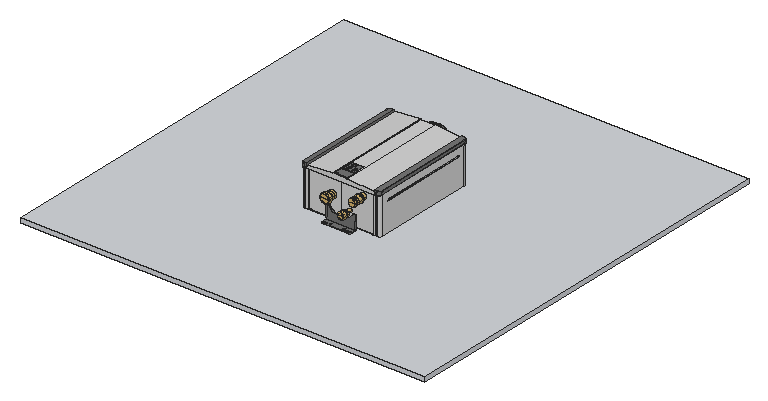
Revit family "Water_Heater-Rinnai-Ultra-Condensing-Tankless-RUR98i", category Mechanical Equipment, host Face, Revit 2012
Parameters (values of type "Standard")
  Width = 18 1/2"  # constant formula
  Wattage = 205 W
  Warranty URL = "https://www.rinnai.us/documentation/downloads/Ultra_Series_with_Pump_Warranty_English.pdf"
  Voltage = 120 V
  Venting = "Direct Vent system 3-4\" configurations"
  Unit = Metal - Rinnai - Aluminum Frame - Painted White
  URL = "https://rinnai.us/"
  Temperature Settings = "98° - 140° F"  # constant formula
  Subcategory = "Tankless Water Heaters"  # constant formula
  Spec Sheet URL = "https://www.rinnai.us/documentation/downloads/RUR98i-SP.pdf"
  Product Page URL = "https://rinnai.us/water-heater/product/rur98i-kbp3237ffud"
  Natural Gas = yes
  Model = "REU-KBP3237FFUD-US"  # constant formula
  Max Amperage = 8 A
  Manufacturer Phone - Toll Free = "800-621-9419"  # constant formula
  Manufacturer Phone = "800-621-9419"  # constant formula
  Manufacturer Fax = "678-829-1666"  # constant formula
  Manufacturer Email = "mailto:engineering@rinnai.us"
  Manufacturer Address = "103 International Drive, Peachtree City, GA 30269"  # constant formula
  Manufacturer = "Rinnai America Corporation"  # constant formula
  Liquid Propane = yes
  Interference = Glass - Rinnai - Clear - Amber
  Installation URL = "https://www.rinnai.us/documentation/downloads/100000379.pdf"
  Installation Location = "Indoor only"  # constant formula
  Ignition System = "Direct electronic ignition"  # constant formula
  Hot Water Connection = "Hot Water Connector"  # constant formula
  Height = 26"  # constant formula
  Panel = Metal - Rinnai - Aluminum Frame - Painted White
  Gas Supply Pressure Min = "4\" (NG); 8\" (Propane)"
  Gas Supply Pressure Max = "10.5\" (NG); 13.5\" (Propane)"
  Gas Manifold Pressure Low Fire = ".42\" (NG); .47\" (Propane)"
  Gas Manifold Pressure High Fire = "3\" (NG); 3.5\" (Propane)"
  Gas Input Rate = 199.0 Btu/h
  Gas Input Range = "15,200 - 199,000 BTU/h"  # constant formula
  Gas Connection = "Gas Connector"  # constant formula
  Frequency = 60 Hz
  Electrical Consumption Range = "Normal: 205 w, Standby: 3 w"  # constant formula
  Dry Weight = 72.80 lbf
  Description = "Tankless Water Heater"  # constant formula
  Depth = 10"  # constant formula
  Default Elevation = 48"
  Combustion Air = "Indoor"  # constant formula
  Combustibles = yes
  Cold Water Connection = "Cold Water Connector"  # constant formula
  Clearance for Top = 6"  # constant formula
  Clearance for Sides = 2"  # constant formula
  Clearance for Ground or Bottom = 12"  # constant formula
  Clearance for Front = 6"  # constant formula
  Cap = Metal - Rinnai - Aluminum - Polished Sliver
  Assembly Code = ""
  Applicable Altitude Range = "0-10,200ft (0-3,109m)"  # constant formula
  95 CSI = ""
  04 CSI = ""
Reference planes (in)
  plane 1 "Center (Front/Back)": y = 0
  plane 2: z = 0
  plane 3 "Center (Left/Right)": x = 0
  plane 4: y = 13
  plane 5: y = -13
  plane 6: x = -9.25
  plane 7: x = 9.25
  plane 8: z = 10.5501
  plane 9: z = 0.5501
  plane 10: y = -12.67027
Forms (in)
  Extrusion 1, solid
    sketch origin (0, 0, 0) x (1, 0, 0) y (0, 1, 0)
      loop
        line (-48, 48) -> (-48, -48) -> (48, -48) -> (48, 48) -> (-48, 48)
    from 0 to -1
  Sweep 2, solid, material "Glass - Rinnai - Clear - Amber" <- "Interference", not visible
    path origin (0, 0, 0) x (1, 0, 0) y (0, 1, 0)
      loop
        line (0, 19) -> (0, -25)
    profile origin (0, -3, 0) x (1, 0, 0) y (0, 0, 1)
      loop
        line (11.25, 16.72205) -> (-11.25, 16.72205) -> (-11.25, 0) -> (11.25, 0) -> (11.25, 16.72205)
Dimensions and locks (in)
  equal spacing: plane 6, plane 3 "Center (Left/Right)", plane 7
  "Width": plane 6 to plane 7
  equal spacing: plane 4, plane 1 "Center (Front/Back)", plane 5
  "Height": plane 4 to plane 5
  locked: level to plane 9 at 0.5501
  "Depth": plane 9 to plane 8
  aligned and locked: plane 2 to Extrusion 1
  aligned and locked: level to Extrusion 1
  aligned and locked: Sweep 2 sketch curve to plane 3 "Center (Left/Right)"
  aligned and locked: Sweep 2 sketch curve to Extrusion 1
  aligned and locked: plane 4 to nested 1
  aligned and locked: nested 1 to plane 2
  aligned and locked: nested 2 to plane 10
Automatic sketch dimensions
  Extrusion 1 sketch curve to Extrusion 1 sketch curve = 96"  (x2)
  plane 4 to Sweep 2 sketch curve = 6"
  plane 5 to Sweep 2 sketch curve = 12"
  profile plane to Sweep 2 sketch curve = 11 1/4"
  Sweep 2 sketch curve to profile plane = 11 1/4"
  Sweep 2 sketch curve to Sweep 2 sketch curve = 16.72205"
Nested families (in)
  nested 1: "Water Heater" at (-0.01433, 0.15, 0.59055), type "RUR98i"
  nested 2: "Pipes" at (0.375, -14.00885, 0), type "Pipes"
Connectors (in)
  piping at (5.07663, -15.93915, 7.82256), driven by "Gas Connection"
    settings: on nested 2, index 1, connector radius 0.8", flow factor 0, pipe flow 0.00 GPM, pressure drop 0.00 psi, fitting loss kfactor 0, connector angle 0.00°, fixture units 0, engagement length 0", flow configuration 0, flow direction 1, fitting loss method 0, system type 7, joint type 0, gender type 0, connector reference index -1, connector utility 1, adjustable connector no, is connector primary yes, fitting loss table "", connector description "Gas Connector"
  piping at (-2.19504, -14.95475, 5.73209), driven by "Cold Water Connection"
    settings: on nested 2, index 2, connector radius 1", flow factor 0, pipe flow 0.00 GPM, pressure drop 0.00 psi, fitting loss kfactor 0, connector angle 0.00°, fixture units 0, engagement length 0", flow configuration 0, flow direction 2, fitting loss method 0, system type 20, joint type 0, gender type 0, connector reference index -1, connector utility 1, adjustable connector no, is connector primary no, fitting loss table "", connector description "Cold Water Connector"
  piping at (2.02329, -15.52897, 3.75493), driven by "Hot Water Connection"
    settings: on nested 2, index 3, connector radius 0.7", flow factor 0, pipe flow 0.00 GPM, pressure drop 0.00 psi, fitting loss kfactor 0, connector angle 0.00°, fixture units 0, engagement length 0", flow configuration 0, flow direction 2, fitting loss method 0, system type 19, joint type 0, gender type 0, connector reference index -1, connector utility 1, adjustable connector no, is connector primary no, fitting loss table "", connector description "Hot Water Connector"
  piping at (-0.02414, 16.39706, 6.6882), driven by "Cold Water Connection"
    settings: on nested 1, index 4, connector radius 2", flow factor 0, pipe flow 0.00 GPM, pressure drop 0.00 psi, fitting loss kfactor 0, connector angle 0.00°, fixture units 0, engagement length 0", flow configuration 0, flow direction 1, fitting loss method 0, system type 20, joint type 0, gender type 0, connector reference index -1, connector utility 1, adjustable connector no, is connector primary no, fitting loss table "", connector description "Cold Water Connector"
Definition of nested family "Water Heater"
  Parameters (values of type "RUR98i")
    Unit = Metal - Rinnai - Aluminum Frame - Painted White
    Door = Metal - Rinnai - Aluminum - Polished Sliver
    Display = Metal - Rinnai - Aluminum Frame - Painted White
    Default Elevation = 48"
    Clamp = Metal - Rinnai - Aluminum Frame - Painted White
  Reference planes (in)
    plane 1 "Center (Front/Back)": y = 0
    plane 2: z = 0
    plane 3 "Center (Left/Right)": x = 0
    plane 4: y = 12.85
    plane 5: x = -9.25
    plane 6: x = 9.25
    plane 7: z = 10.1
    plane 8: z = 8.75945
    plane 9: z = -0.20842
    plane 10: z = 3.97008
    plane 11: x = 4.33
    plane 12: x = 1.17
    plane 13: z = 1.61008
    plane 14: x = -2.89
    plane 15: z = 3.20008
    plane 16: y = 15.52
    plane 17: x = 0
    plane 18: x = 5.09845
    plane 19: z = 7.0748
    plane 20: z = 2.99213
    plane 21: x = 2.10239
    plane 22: z = 5.00787
    plane 23: x = -2.12399
    plane 24: z = -0.59055
    plane 25: z = -0.15205
    plane 26: z = -0.59055
    plane 27: z = 2.71654
    plane 28: x = -3.49407
    plane 29: x = 3.46656
    plane 30: x = -3.49407
    plane 31: x = 3.46656
    plane 32: y = -13.15
    plane 33: z = 9.95876
  Forms (in)
    Extrusion 1, solid, material "Metal - Rinnai - Aluminum Frame - Painted White" <- "Unit", detail levels medium+fine
      sketch origin (0, 0, 0) x (1, 0, 0) y (0, 1, 0)
        loop
          arc (-8.5, 12.72578) -> (-9.03033, 12.50611) -> (-9.25, 11.97578) r 0.75
          line (-9.25, 11.97578) -> (-9.25, -12.07027)
          arc (-9.25, -12.07027) -> (-9.03033, -12.6006) -> (-8.5, -12.82027) r 0.75
          line (-8.5, -12.82027) -> (-7.75409, -12.82027)
          arc (-7.75409, -12.82027) -> (-7.72259, -12.78878) -> (-7.75409, -12.75728) r 0.0315
          line (-7.75409, -12.75728) -> (-8.33874, -12.75728)
          arc (-8.33874, -12.75728) -> (-8.86907, -12.53761) -> (-9.08874, -12.00728) r 0.75
          line (-9.08874, -12.00728) -> (-9.08874, 11.87342)
          arc (-9.08874, 11.87342) -> (-8.86907, 12.40375) -> (-8.33874, 12.62342) r 0.75
          line (-8.33874, 12.62342) -> (8.33874, 12.62342)
          arc (8.33874, 12.62342) -> (8.86907, 12.40375) -> (9.08874, 11.87342) r 0.75
          line (9.08874, 11.87342) -> (9.08874, -12.00728)
          arc (9.08874, -12.00728) -> (8.86907, -12.53761) -> (8.33874, -12.75728) r 0.75
          line (8.33874, -12.75728) -> (7.75409, -12.75728)
          arc (7.75409, -12.75728) -> (7.72259, -12.78878) -> (7.75409, -12.82027) r 0.0315
          line (7.75409, -12.82027) -> (8.5, -12.82027)
          arc (8.5, -12.82027) -> (9.03033, -12.6006) -> (9.25, -12.07027) r 0.75
          line (9.25, -12.07027) -> (9.25, 11.97578)
          arc (9.25, 11.97578) -> (9.03033, 12.50611) -> (8.5, 12.72578) r 0.75
          line (8.5, 12.72578) -> (-8.5, 12.72578)
      from -0.04045 to 8.98484
    Extrusion 2, solid, material "Metal - Rinnai - Aluminum Frame - Painted White" <- "Unit", detail levels medium+fine
      sketch origin (0, 0, 0) x (1, 0, 0) y (0, 1, 0)
        loop
          arc (-7.94561, -12.71791) -> (-7.96958, -12.73044) -> (-7.97296, -12.75728) r 0.02918
          line (-7.97296, -12.75728) -> (0.00974, -12.75728) -> (7.97296, -12.75728)
          arc (7.97296, -12.75728) -> (7.96958, -12.73044) -> (7.94561, -12.71791) r 0.02918
          line (7.94561, -12.71791) -> (-0.00497, -12.71791) -> (-7.94561, -12.71791)
      from 0 to 8.75945
    Sweep 3, solid, material "Metal - Rinnai - Aluminum Frame - Painted White" <- "Unit", detail levels medium+fine
      path origin (-19.30772, -180, -0.04045) x (-1, 0, 0) y (0, -1, 0)
        loop
          line (-27.06181, -167.17973) -> (-27.80772, -167.17973)
          arc (-27.80772, -167.17973) -> (-28.33805, -167.3994) -> (-28.55772, -167.92973) r 0.75
          line (-28.55772, -167.92973) -> (-28.55772, -191.97578)
          arc (-28.55772, -191.97578) -> (-28.33805, -192.50611) -> (-27.80772, -192.72578) r 0.75
          line (-27.80772, -192.72578) -> (-10.80772, -192.72578)
          arc (-10.80772, -192.72578) -> (-10.27739, -192.50611) -> (-10.05772, -191.97578) r 0.75
          line (-10.05772, -191.97578) -> (-10.05772, -167.92973)
          arc (-10.05772, -167.92973) -> (-10.27739, -167.3994) -> (-10.80772, -167.17973) r 0.75
          line (-10.80772, -167.17973) -> (-11.55363, -167.17973)
      profile origin (8.12705, -12.82027, -0.04045) x (0, 1, 0) y (0, 0, 1)
        loop
          arc (0, 0.0315) -> (0.00922, 0.00922) -> (0.0315, 0) r 0.0315
          line (0.0315, 0) -> (0.0315, 0.0315) -> (0, 0.0315)
    Extrusion 4, void, detail levels medium+fine
      sketch origin (0, 0, 0.23337) x (1, 0, 0) y (0, 0, 1)
        loop
          line (9.53125, 10.9934) -> (-9.53125, 10.9934) -> (-9.53125, 8.72022) -> (-8.09256, 8.72022) -> (-8.09256, 9.1595)
          arc (-8.09256, 9.1595) -> (-4.06175, 9.66364) -> (0, 9.72539) r 37.20967
          arc (0, 9.72539) -> (4.06175, 9.66364) -> (8.09256, 9.1595) r 37.20967
          line (8.09256, 9.1595) -> (8.09256, 8.72022) -> (9.53125, 8.72022) -> (9.53125, 10.9934)
      from -15.04938 to 15.10382
    Extrusion 5, solid, material "Metal - Rinnai - Aluminum Frame - Painted White" <- "Display", detail levels medium+fine
      sketch origin (0, 0, 0) x (1, 0, 0) y (0, 1, 0)
        loop
          line (8.58208, 12.85) -> (-8.63521, 12.85)
          arc (-8.63521, 12.85) -> (-9.06993, 12.66993) -> (-9.25, 12.23521) r 0.61479
          line (-9.25, 12.23521) -> (-9.25, -12.55655)
          arc (-9.25, -12.55655) -> (-9.07618, -12.97618) -> (-8.65655, -13.15) r 0.59345
          line (-8.65655, -13.15) -> (8.56688, -13.15)
          arc (8.56688, -13.15) -> (9.04992, -12.94992) -> (9.25, -12.46688) r 0.68312
          line (9.25, -12.46688) -> (9.25, 12.18208)
          arc (9.25, 12.18208) -> (9.05437, 12.65437) -> (8.58208, 12.85) r 0.66792
      from 8.75945 to 10.8032
    Extrusion 6, solid, material "Metal - Rinnai - Aluminum - Polished Sliver" <- "Door", detail levels medium+fine
      sketch origin (0, 0, 0) x (1, 0, 0) y (0, 1, 0)
        loop
          arc (-8.52756, 12.84217) -> (-9.05789, 12.6225) -> (-9.27756, 12.09217) r 0.75
          line (-9.27756, 12.09217) -> (-9.27756, -12.4)
          arc (-9.27756, -12.4) -> (-9.05789, -12.93033) -> (-8.52756, -13.15) r 0.75
          line (-8.52756, -13.15) -> (-8.09256, -13.15) -> (-8.09256, 12.84217) -> (-8.52756, 12.84217)
        loop
          line (8.52756, 12.84217) -> (8.09256, 12.84217) -> (8.09256, -13.15) -> (8.52756, -13.15)
          arc (8.52756, -13.15) -> (9.05789, -12.93033) -> (9.27756, -12.4) r 0.75
          line (9.27756, -12.4) -> (9.27756, 12.09217)
          arc (9.27756, 12.09217) -> (9.05789, 12.6225) -> (8.52756, 12.84217) r 0.75
      from 8.95359 to 9.96783
    Extrusion 7, solid, material "Metal - Rinnai - Aluminum Frame - Painted White" <- "Unit", detail levels coarse
      sketch origin (0, 0, 0) x (1, 0, 0) y (0, 1, 0)
        loop
          line (9.25, -14.56214) -> (9.25, 16.24706) -> (-9.25, 16.24706) -> (-9.25, -14.56214) -> (9.25, -14.56214)
      from -0.59055 to 9.95876
    Extrusion 8, solid, material "Metal - Rinnai - Aluminum Frame - Painted White" <- "Unit", detail levels medium+fine
      sketch origin (0, 0, 0) x (1, 0, 0) y (0, 1, 0)
        loop
          arc (-7.94561, -12.71791) -> (-7.96958, -12.73044) -> (-7.97296, -12.75728) r 0.02918
          line (-7.97296, -12.75728) -> (0.00974, -12.75728) -> (7.97296, -12.75728)
          arc (7.97296, -12.75728) -> (7.96958, -12.73044) -> (7.94561, -12.71791) r 0.02918
          line (7.94561, -12.71791) -> (-0.00497, -12.71791) -> (-7.94561, -12.71791)
      from 0 to 8.75945
    Extrusion 9, void
      sketch origin (0, 0, 0.15514) x (1, 0, 0) y (0, 0, 1)
        loop
          arc (1.60849, 9.74656) -> (1.69001, 9.75729) -> (1.76597, 9.78875) r 0.31496
          line (1.76597, 9.78875) -> (2.03915, 9.94647)
          arc (2.03915, 9.94647) -> (2.1341, 9.9858) -> (2.236, 9.99922) r 0.3937
          line (2.236, 9.99922) -> (2.236, 10.43872) -> (-2.23606, 10.43872) -> (-2.23606, 9.99922)
          arc (-2.23606, 9.99922) -> (-2.13416, 9.9858) -> (-2.0392, 9.94647) r 0.3937
          line (-2.0392, 9.94647) -> (-1.76603, 9.78875)
          arc (-1.76603, 9.78875) -> (-1.69007, 9.75729) -> (-1.60855, 9.74656) r 0.31496
          line (-1.60855, 9.74656) -> (1.60849, 9.74656)
      from -14.53617 to 14.5778
    Extrusion 10, solid, material "Metal - Rinnai - Aluminum Frame - Painted White" <- "Unit", detail levels medium+fine
      sketch origin (0, 0, 0) x (1, 0, 0) y (0, 1, 0)
        loop
          arc (-9.08874, -12.00728) -> (-8.86907, -12.53761) -> (-8.33874, -12.75728) r 0.75
          line (-8.33874, -12.75728) -> (-7.75409, -12.75728) -> (8.33874, -12.75728)
          arc (8.33874, -12.75728) -> (8.86907, -12.53761) -> (9.08874, -12.00728) r 0.75
          line (9.08874, -12.00728) -> (9.08874, 11.87342)
          arc (9.08874, 11.87342) -> (8.86907, 12.40375) -> (8.33874, 12.62342) r 0.75
          line (8.33874, 12.62342) -> (-8.33874, 12.62342)
          arc (-8.33874, 12.62342) -> (-8.86907, 12.40375) -> (-9.08874, 11.87342) r 0.75
          line (-9.08874, 11.87342) -> (-9.08874, -12.00728)
      from -0.01923 to 0
    Revolve 11, void
      sketch origin (9.3125, 0, 0) x (0, 1, 0) y (0, 0, 1)
        loop
          arc (10.67775, 6.82414) -> (10.62581, 6.97256) -> (10.48169, 7.03543) r 0.19661
          line (10.48169, 7.03543) -> (-10.77815, 7.03543)
          arc (-10.77815, 7.03543) -> (-10.92236, 6.97257) -> (-10.97447, 6.82414) r 0.19685
          line (-10.97447, 6.82414) -> (10.67775, 6.82414)
        axis (-10.97447, 6.82414) -> (10.67775, 6.82414)
      angle from 180 to -180
    Revolve 12, void
      sketch origin (-9.3125, 0, 0) x (0, 1, 0) y (0, 0, -1)
        loop
          line (10.67775, -6.82414) -> (-10.97447, -6.82414)
          arc (-10.97447, -6.82414) -> (-10.92236, -6.97257) -> (-10.77815, -7.03543) r 0.19685
          line (-10.77815, -7.03543) -> (10.48169, -7.03543)
          arc (10.48169, -7.03543) -> (10.62581, -6.97256) -> (10.67775, -6.82414) r 0.19661
        axis (-10.97447, -6.82414) -> (10.67775, -6.82414)
      angle from 180 to -180
    Extrusion 13, void
      sketch origin (0, 0, 0) x (1, 0, 0) y (0, 0, 1)
        loop
          line (8.09256, 9.80952) -> (8.09256, 8.95359) -> (9.26381, 8.95359) -> (9.26381, 9.56753)
          arc (9.26381, 9.56753) -> (9.24465, 9.61941) -> (9.19638, 9.64641) r 0.07985
          arc (9.19638, 9.64641) -> (8.64485, 9.73057) -> (8.09256, 9.80952) r 59.05511
        loop
          line (7.89256, 10.28429) -> (7.89256, 8.78484) -> (9.46381, 8.78484) -> (9.46381, 10.28429) -> (7.89256, 10.28429)
        loop
          arc (-8.09256, 9.81284) -> (-8.65523, 9.7325) -> (-9.21711, 9.64675) r 59.05517
          arc (-9.21711, 9.64675) -> (-9.26586, 9.61948) -> (-9.28521, 9.56708) r 0.08065
          line (-9.28521, 9.56708) -> (-9.28521, 8.95359) -> (-8.09256, 8.95359) -> (-8.09256, 9.81284)
        loop
          line (-7.9166, 10.28429) -> (-9.48785, 10.28429) -> (-9.48785, 8.78484) -> (-7.9166, 8.78484) -> (-7.9166, 10.28429)
      from -13.68838 to 17.90298
    Sweep 14, solid, material "Metal - Rinnai - Aluminum - Polished Sliver" <- "Door", detail levels medium+fine
      path origin (-13.16941, 14.83211, 50.52353) x (-1, 0, 0) y (0, 0, 1)
        loop
          circle (-13.15378, -44.53915) r 2.53
      profile origin (-0.01562, 14.83211, 3.45438) x (0, 0, -1) y (0, 1, 0)
        loop
          line (0.37891, -0.23622) -> (0.37891, -0.03937) -> (0.33954, 0) -> (0.16569, 0) -> (0.16569, -0.33502)
          arc (0.16569, -0.33502) -> (0.14814, -0.35064) -> (0.13195, -0.36767) r 0.2815
          arc (0.13195, -0.36767) -> (0.11933, -0.38713) -> (0.11491, -0.4099) r 0.06083
          line (0.11491, -0.4099) -> (0.11491, -1.95032) -> (-1.17806, -1.95032) -> (-1.17806, -0.4879)
          arc (-1.17806, -0.4879) -> (-1.06496, -0.34731) -> (-1.16611, -0.1979) r 0.15183
          line (-1.16611, -0.1979) -> (-0.96822, 0) -> (-1.21033, 0) -> (-1.21033, -1.98252) -> (0.34038, -1.98252)
          arc (0.34038, -1.98252) -> (0.31582, -1.95579) -> (0.30691, -1.9206) r 0.07401
          line (0.30691, -1.9206) -> (0.30691, -1.79773)
          arc (0.30691, -1.79773) -> (0.30167, -1.77782) -> (0.28731, -1.76308) r 0.04042
          line (0.28731, -1.76308) -> (0.1536, -1.68273)
          arc (0.1536, -1.68273) -> (0.1399, -1.66867) -> (0.13491, -1.6497) r 0.03854
          line (0.13491, -1.6497) -> (0.13491, -0.4099)
          arc (0.13491, -0.4099) -> (0.13796, -0.3944) -> (0.14666, -0.38123) r 0.04083
          arc (0.14666, -0.38123) -> (0.15771, -0.36931) -> (0.16948, -0.35809) r 0.2615
          arc (0.16948, -0.35809) -> (0.18137, -0.34116) -> (0.18569, -0.32093) r 0.05188
          line (0.18569, -0.32093) -> (0.18569, -0.23622) -> (0.37891, -0.23622)
    Extrusion 15, solid, material "Metal - Rinnai - Aluminum - Polished Sliver" <- "Door", detail levels medium+fine
      sketch origin (0, 0, 0.5625) x (1, 0, 0) y (0, 0, 1)
        loop
          circle (-0.01562, 5.48437) r 2.76047
      from -14.79274 to -12.85
    Revolve 16, solid, material "Metal - Rinnai - Aluminum - Polished Sliver" <- "Door", detail levels medium+fine
      sketch origin (0, 0, 6.09765) x (1, 0, 0) y (0, 1, 0)
        loop
          line (-1.83176, 16.24706) -> (-1.98816, 16.24706) -> (-1.98816, 14.94785) -> (-2.76607, 14.94785) -> (-2.76607, 14.86911) -> (-2.73103, 14.86911) -> (-2.73103, 14.83211) -> (-1.83176, 14.83211) -> (-1.83176, 16.24706)
        axis (-0.00981, 16.24706) -> (-0.00981, 14.83211)
      angle from 0 to 360
    Revolve 17, solid, material "Metal - Rinnai - Aluminum - Polished Sliver" <- "Door", detail levels medium+fine
      sketch origin (0, 0, 6.125) x (1, 0, 0) y (0, 1, 0)
        loop
          line (-5.91926, 14.07835) -> (-7.98619, 14.07835) -> (-7.98619, 13.99961) -> (-7.89841, 13.99961) -> (-7.89841, 13.01817) -> (-5.91926, 13.01817) -> (-5.91926, 14.07835)
        axis (-5.91926, 14.07835) -> (-5.91926, 13.01817)
      angle from 0 to 360
    Extrusion 18, solid, material "Metal - Rinnai - Aluminum - Polished Sliver" <- "Door", detail levels medium+fine
      sketch origin (0, 0, 0) x (1, 0, 0) y (0, 0, 1)
        loop
          line (-4.80706, 8.4142) -> (-7.03147, 8.4142)
          arc (-7.03147, 8.4142) -> (-7.91535, 8.04808) -> (-8.28147, 7.1642) r 1.25
          line (-8.28147, 7.1642) -> (-8.28147, 4.93979)
          arc (-8.28147, 4.93979) -> (-7.91535, 4.05591) -> (-7.03147, 3.68979) r 1.25
          line (-7.03147, 3.68979) -> (-4.80706, 3.68979)
          arc (-4.80706, 3.68979) -> (-3.92318, 4.05591) -> (-3.55706, 4.93979) r 1.25
          line (-3.55706, 4.93979) -> (-3.55706, 7.1642)
          arc (-3.55706, 7.1642) -> (-3.92318, 8.04808) -> (-4.80706, 8.4142) r 1.25
      from -13.01929 to -12.85
    Extrusion 19, solid, material "Metal - Rinnai - Aluminum - Polished Sliver" <- "Door", detail levels medium+fine
      sketch origin (0, 0, 0) x (1, 0, 0) y (0, 0, 1)
        loop
          arc (-1.21257, 9.00081) -> (-2.45001, 8.48825) -> (-2.96257, 7.25081) r 1.75
          line (-2.96257, 7.25081) -> (-2.96257, 4.8453)
          arc (-2.96257, 4.8453) -> (-2.45001, 3.60786) -> (-1.21257, 3.0953) r 1.75
          line (-1.21257, 3.0953) -> (1.19294, 3.0953)
          arc (1.19294, 3.0953) -> (2.43038, 3.60786) -> (2.94294, 4.8453) r 1.75
          line (2.94294, 4.8453) -> (2.94294, 7.25081)
          arc (2.94294, 7.25081) -> (2.43038, 8.48825) -> (1.19294, 9.00081) r 1.75
          line (1.19294, 9.00081) -> (-1.21257, 9.00081)
      from -13.07589 to -12.85
    Extrusion 20, solid, material "Metal - Rinnai - Aluminum - Polished Sliver" <- "Door", detail levels fine
      sketch origin (0, 0, -0.38213) x (1, 0, 0) y (0, 1, 0)
        loop
          arc (3.16143, -14.56214) -> (3.37644, -14.47309) -> (3.4655, -14.25808) r 0.30406
          line (3.4655, -14.25808) -> (3.4655, -12.96102) -> (-3.49587, -12.96102) -> (-3.49587, -14.26214)
          arc (-3.49587, -14.26214) -> (-3.408, -14.47428) -> (-3.19587, -14.56214) r 0.3
          line (-3.19587, -14.56214) -> (3.16143, -14.56214)
        loop
          circle (-1.59298, -13.97618) r 0.25
        loop
          circle (1.5508, -13.97618) r 0.25
        loop
          line (-2.3676, -14.17829) -> (-2.78179, -14.17829)
          arc (-2.78179, -14.17829) -> (-2.88969, -14.28619) -> (-2.78179, -14.3941) r 0.10791
          line (-2.78179, -14.3941) -> (-2.3676, -14.3941)
          arc (-2.3676, -14.3941) -> (-2.2597, -14.28619) -> (-2.3676, -14.17829) r 0.10791
        loop
          line (2.75077, -14.17829) -> (2.33658, -14.17829)
          arc (2.33658, -14.17829) -> (2.22868, -14.28619) -> (2.33658, -14.3941) r 0.10791
          line (2.33658, -14.3941) -> (2.75077, -14.3941)
          arc (2.75077, -14.3941) -> (2.85867, -14.28619) -> (2.75077, -14.17829) r 0.10791
        loop
          line (-3.27923, -14.1083) -> (-3.27923, -14.18773)
          arc (-3.27923, -14.18773) -> (-3.16209, -14.30487) -> (-3.04495, -14.18773) r 0.11714
          line (-3.04495, -14.18773) -> (-3.04495, -14.1083)
          arc (-3.04495, -14.1083) -> (-3.16209, -13.99116) -> (-3.27923, -14.1083) r 0.11714
        loop
          line (3.01764, -14.1083) -> (3.01764, -14.18773)
          arc (3.01764, -14.18773) -> (3.13478, -14.30487) -> (3.25192, -14.18773) r 0.11714
          line (3.25192, -14.18773) -> (3.25192, -14.1083)
          arc (3.25192, -14.1083) -> (3.13478, -13.99116) -> (3.01764, -14.1083) r 0.11714
      from -0.20842 to -0.15205
    Extrusion 21, solid, material "Metal - Rinnai - Aluminum - Polished Sliver" <- "Door", detail levels fine
      sketch origin (0, 0, -0.38213) x (1, 0, 0) y (0, 0, 1)
        loop
          line (-3.49407, 2.92296) -> (-3.49407, -0.15205) -> (3.46656, -0.15205) -> (3.46656, 2.92867)
          arc (3.46656, 2.92867) -> (3.4351, 3.00463) -> (3.35914, 3.03609) r 0.10742
          line (3.35914, 3.03609) -> (2.88285, 3.03609)
          arc (2.88285, 3.03609) -> (2.78786, 3.01065) -> (2.71831, 2.94112) r 0.19
          arc (2.71831, 2.94112) -> (-0.01202, 1.36468) -> (-2.74289, 2.94019) r 3.15356
          arc (-2.74289, 2.94019) -> (-2.81314, 3.0104) -> (-2.90908, 3.03609) r 0.19195
          line (-2.90908, 3.03609) -> (-3.38094, 3.03609)
          arc (-3.38094, 3.03609) -> (-3.46093, 3.00296) -> (-3.49407, 2.92296) r 0.11313
      from 12.81977 to 12.96102
    Extrusion 22, solid, material "Metal - Rinnai - Aluminum - Polished Sliver" <- "Door", detail levels fine
      sketch origin (0, 0, -0.38213) x (0, 1, 0) y (0, 0, 1)
        loop
          line (-12.89803, 0.24165) -> (-12.89803, 1.71409) -> (-13.05411, 1.71409)
          arc (-13.05411, 1.71409) -> (-13.13862, 1.67908) -> (-13.17362, 1.59457) r 0.11952
          line (-13.17362, 1.59457) -> (-13.17362, 0.36212)
          arc (-13.17362, 0.36212) -> (-13.13834, 0.27693) -> (-13.05315, 0.24165) r 0.12047
          line (-13.05315, 0.24165) -> (-12.89803, 0.24165)
      from 3.46656 to 3.52956
    Extrusion 23, solid, material "Metal - Rinnai - Aluminum - Polished Sliver" <- "Door", detail levels fine
      sketch origin (0, 0, -0.38213) x (0, 1, 0) y (0, 0, 1)
        loop
          line (-12.89803, 0.24165) -> (-12.89803, 2.74304) -> (-13.05362, 2.74304)
          arc (-13.05362, 2.74304) -> (-13.13847, 2.7079) -> (-13.17362, 2.62304) r 0.12
          line (-13.17362, 2.62304) -> (-13.17362, 0.36212)
          arc (-13.17362, 0.36212) -> (-13.13834, 0.27693) -> (-13.05315, 0.24165) r 0.12047
          line (-13.05315, 0.24165) -> (-12.89803, 0.24165)
      from -3.55706 to -3.49407
    Extrusion 24, solid, material "Metal - Rinnai - Aluminum - Polished Sliver" <- "Door", detail levels fine
      sketch origin (0, -0.07813, -0.38213) x (1, 0, 0) y (0, 1, 0)
        loop
          line (3.16143, 14.27598) -> (-3.19587, 14.27598)
          arc (-3.19587, 14.27598) -> (-3.408, 14.18812) -> (-3.49587, 13.97598) r 0.3
          line (-3.49587, 13.97598) -> (-3.49587, 12.80391) -> (3.4655, 12.80391) -> (3.4655, 13.97192)
          arc (3.4655, 13.97192) -> (3.37644, 14.18693) -> (3.16143, 14.27598) r 0.30406
        loop
          circle (-1.59298, 13.69002) r 0.25
        loop
          circle (1.5508, 13.69002) r 0.25
        loop
          arc (-2.3676, 13.89213) -> (-2.2597, 14.00003) -> (-2.3676, 14.10794) r 0.10791
          line (-2.3676, 14.10794) -> (-2.78179, 14.10794)
          arc (-2.78179, 14.10794) -> (-2.88969, 14.00003) -> (-2.78179, 13.89213) r 0.10791
          line (-2.78179, 13.89213) -> (-2.3676, 13.89213)
        loop
          arc (2.75077, 13.89213) -> (2.85867, 14.00003) -> (2.75077, 14.10794) r 0.10791
          line (2.75077, 14.10794) -> (2.33658, 14.10794)
          arc (2.33658, 14.10794) -> (2.22868, 14.00003) -> (2.33658, 13.89213) r 0.10791
          line (2.33658, 13.89213) -> (2.75077, 13.89213)
        loop
          arc (-3.27923, 13.82214) -> (-3.16209, 13.705) -> (-3.04495, 13.82214) r 0.11714
          line (-3.04495, 13.82214) -> (-3.04495, 13.90157)
          arc (-3.04495, 13.90157) -> (-3.16209, 14.01871) -> (-3.27923, 13.90157) r 0.11714
          line (-3.27923, 13.90157) -> (-3.27923, 13.82214)
        loop
          arc (3.01764, 13.82214) -> (3.13478, 13.705) -> (3.25192, 13.82214) r 0.11714
          line (3.25192, 13.82214) -> (3.25192, 13.90157)
          arc (3.25192, 13.90157) -> (3.13478, 14.01871) -> (3.01764, 13.90157) r 0.11714
          line (3.01764, 13.90157) -> (3.01764, 13.82214)
      from -0.20842 to -0.15205
    Extrusion 25, solid, material "Metal - Rinnai - Aluminum - Polished Sliver" <- "Door", detail levels fine
      sketch origin (0, -0.07813, -0.38213) x (1, 0, 0) y (0, 0, -1)
        loop
          arc (-3.49407, -2.92296) -> (-3.46093, -3.00296) -> (-3.38094, -3.03609) r 0.11313
          line (-3.38094, -3.03609) -> (-2.90908, -3.03609)
          arc (-2.90908, -3.03609) -> (-2.81314, -3.0104) -> (-2.74289, -2.94019) r 0.19195
          arc (-2.74289, -2.94019) -> (-0.01202, -1.36468) -> (2.71831, -2.94112) r 3.15356
          arc (2.71831, -2.94112) -> (2.78786, -3.01065) -> (2.88285, -3.03609) r 0.19
          line (2.88285, -3.03609) -> (3.35914, -3.03609)
          arc (3.35914, -3.03609) -> (3.4351, -3.00463) -> (3.46656, -2.92867) r 0.10742
          line (3.46656, -2.92867) -> (3.46656, 0.15205) -> (-3.49407, 0.15205) -> (-3.49407, -2.92296)
      from 12.81977 to 12.96102
    Extrusion 26, solid, material "Metal - Rinnai - Aluminum - Polished Sliver" <- "Door", detail levels fine
      sketch origin (0, -0.07813, -0.38213) x (0, -1, 0) y (0, 0, -1)
        loop
          line (-12.89803, -0.24165) -> (-13.05315, -0.24165)
          arc (-13.05315, -0.24165) -> (-13.13834, -0.27693) -> (-13.17362, -0.36212) r 0.12047
          line (-13.17362, -0.36212) -> (-13.17362, -1.59457)
          arc (-13.17362, -1.59457) -> (-13.13862, -1.67908) -> (-13.05411, -1.71409) r 0.11952
          line (-13.05411, -1.71409) -> (-12.89803, -1.71409) -> (-12.89803, -0.24165)
      from 3.46656 to 3.52956
    Extrusion 27, solid, material "Metal - Rinnai - Aluminum - Polished Sliver" <- "Door", detail levels fine
      sketch origin (0, -0.07813, -0.38213) x (0, -1, 0) y (0, 0, -1)
        loop
          line (-12.89803, -0.24165) -> (-13.05315, -0.24165)
          arc (-13.05315, -0.24165) -> (-13.13834, -0.27693) -> (-13.17362, -0.36212) r 0.12047
          line (-13.17362, -0.36212) -> (-13.17362, -2.62304)
          arc (-13.17362, -2.62304) -> (-13.13847, -2.7079) -> (-13.05362, -2.74304) r 0.12
          line (-13.05362, -2.74304) -> (-12.89803, -2.74304) -> (-12.89803, -0.24165)
      from -3.55706 to -3.49407
    Extrusion 28, solid, material "Metal - Rinnai - Aluminum - Polished Sliver" <- "Door", detail levels fine
      sketch origin (0, 0, -0.19831) x (1, 0, 0) y (0, 1, 0)
        loop
          arc (-1.42723, -10.7438) -> (-1.46966, -10.76138) -> (-1.48723, -10.8038) r 0.06
          line (-1.48723, -10.8038) -> (-1.48723, -12.5588)
          arc (-1.48723, -12.5588) -> (-1.46966, -12.60123) -> (-1.42723, -12.6188) r 0.06
          line (-1.42723, -12.6188) -> (1.55033, -12.6188)
          arc (1.55033, -12.6188) -> (1.59275, -12.60123) -> (1.61033, -12.5588) r 0.06
          line (1.61033, -12.5588) -> (1.61033, -10.8038)
          arc (1.61033, -10.8038) -> (1.59275, -10.76138) -> (1.55033, -10.7438) r 0.06
          line (1.55033, -10.7438) -> (-1.42723, -10.7438)
      from 10.1 to 10.11749
    Extrusion 29, solid, material "Metal - Rinnai - Aluminum - Polished Sliver" <- "Door", detail levels fine
      sketch origin (0, 0, -0.19831) x (1, 0, 0) y (0, 1, 0)
        loop
          line (1.32811, -7.7622) -> (-1.29535, -7.7622)
          arc (-1.29535, -7.7622) -> (-1.33885, -7.78022) -> (-1.35686, -7.82371) r 0.06151
          line (-1.35686, -7.82371) -> (-1.35686, -10.61953)
          arc (-1.35686, -10.61953) -> (-1.33929, -10.66195) -> (-1.29686, -10.67953) r 0.06
          line (-1.29686, -10.67953) -> (1.32811, -10.67953)
          arc (1.32811, -10.67953) -> (1.37054, -10.66195) -> (1.38811, -10.61953) r 0.06
          line (1.38811, -10.61953) -> (1.38811, -7.8222)
          arc (1.38811, -7.8222) -> (1.37054, -7.77978) -> (1.32811, -7.7622) r 0.06
      from 10.1 to 10.11749
    Extrusion 30, solid, material "Metal - Rinnai - Aluminum - Polished Sliver" <- "Door", detail levels fine
      sketch origin (0, 0, -0.19831) x (1, 0, 0) y (0, 1, 0)
        loop
          arc (-0.92066, -8.05945) -> (-0.9456, -8.06978) -> (-0.95593, -8.09472) r 0.03527
          line (-0.95593, -8.09472) -> (-0.95593, -8.55363)
          arc (-0.95593, -8.55363) -> (-0.94421, -8.58191) -> (-0.91593, -8.59363) r 0.04
          line (-0.91593, -8.59363) -> (-0.09049, -8.59363)
          arc (-0.09049, -8.59363) -> (-0.06221, -8.58191) -> (-0.05049, -8.55363) r 0.04
          line (-0.05049, -8.55363) -> (-0.05049, -8.09945)
          arc (-0.05049, -8.09945) -> (-0.06221, -8.07116) -> (-0.09049, -8.05945) r 0.04
          line (-0.09049, -8.05945) -> (-0.92066, -8.05945)
        loop
          circle (-0.62666, -9.44903) r 0.25
        loop
          circle (-0.62666, -10.15775) r 0.25
        loop
          circle (0.68748, -10.15775) r 0.25
        loop
          circle (0.68748, -9.45117) r 0.25
      from 10.11749 to 10.12686
  Cuts and joins
    Extrusion 4, Extrusion 9 cuts Extrusion 5
    Extrusion 13 cuts Extrusion 6
    Revolve 11, Revolve 12 cuts Extrusion 1
    Revolve 11, Revolve 12 cuts Sweep 3
    Revolve 11, Revolve 12 cuts Extrusion 10
    joined: Extrusion 1, Sweep 3, Extrusion 10
  Lines and regions (in)
    Masking region 1, detail levels medium+fine
      outline origin (0, 0, 0) x (1, 0, 0) y (0, 1, 0)
        loop
          line (-1.98816, 16.24706) -> (-1.98816, 14.94785) -> (-2.76607, 14.94785) -> (-2.76607, 14.86911) -> (-2.73103, 14.86911) -> (-2.73103, 14.83211) -> (-2.88516, 14.83211) -> (-2.92453, 14.79274) -> (-2.92453, 14.59589) -> (-2.77584, 14.59589) -> (-2.77584, 13.10285) -> (-2.82252, 13.07589) -> (-2.96257, 13.07589) -> (-2.96257, 12.85) -> (-3.55706, 12.85) -> (-3.55706, 13.01929) -> (-3.94024, 13.01929) -> (-3.94024, 13.99961) -> (-3.85233, 13.99961) -> (-3.85233, 14.07835) -> (-7.98619, 14.07835) -> (-7.98619, 13.99961) -> (-7.89841, 13.99961) -> (-7.89841, 13.01817) -> (-8.28664, 13.01817) -> (-8.28664, 12.84217) -> (-8.52756, 12.84217)
          arc (-8.52756, 12.84217) -> (-9.00467, 12.67084) -> (-9.26381, 12.23514) r 0.75
          line (-9.26381, 12.23514) -> (-9.26381, -12.54296)
          arc (-9.26381, -12.54296) -> (-9.00467, -12.97867) -> (-8.52756, -13.15) r 0.75
          line (-8.52756, -13.15) -> (8.52756, -13.15)
          arc (8.52756, -13.15) -> (9.00467, -12.97867) -> (9.26381, -12.54296) r 0.75
          line (9.26381, -12.54296) -> (9.26381, 12.16566)
          arc (9.26381, 12.16566) -> (9.06337, 12.64956) -> (8.57946, 12.85) r 0.68434
          line (8.57946, 12.85) -> (2.94304, 12.85) -> (2.94304, 13.07589) -> (2.79127, 13.07589) -> (2.74459, 13.10285) -> (2.74459, 14.59589) -> (2.89328, 14.59589) -> (2.89328, 14.79274) -> (2.85391, 14.83211) -> (2.7115, 14.83211) -> (2.7115, 14.86911) -> (2.74654, 14.86911) -> (2.74654, 14.94785) -> (1.96863, 14.94785) -> (1.96863, 16.24706) -> (-1.98816, 16.24706)
    Masking region 2, detail levels coarse
      outline origin (0, 0, 0) x (1, 0, 0) y (0, 0, 1)
        loop
          line (9.25, 9.95876) -> (-9.25, 9.95876) -> (-9.25, -0.59055) -> (9.25, -0.59055) -> (9.25, 9.95876)
    Masking region 3, detail levels medium+fine
      outline origin (0, 0, 0) x (1, 0, 0) y (0, 0, 1)
        loop
          line (8.09256, 9.80952) -> (8.09256, 9.39287)
          arc (8.09256, 9.39287) -> (4.97809, 9.82155) -> (1.83855, 9.98579) r 37.20967
          line (1.83855, 9.98579) -> (1.76597, 9.94389)
          arc (1.76597, 9.94389) -> (1.69001, 9.91242) -> (1.60849, 9.90169) r 0.31496
          line (1.60849, 9.90169) -> (-1.60849, 9.90169)
          arc (-1.60849, 9.90169) -> (-1.69001, 9.91242) -> (-1.76597, 9.94389) r 0.31496
          line (-1.76597, 9.94389) -> (-1.83855, 9.98579)
          arc (-1.83855, 9.98579) -> (-4.97809, 9.82155) -> (-8.09256, 9.39287) r 37.20967
          line (-8.09256, 9.39287) -> (-8.09256, 9.80952)
          arc (-8.09256, 9.80952) -> (-8.64485, 9.73057) -> (-9.19638, 9.64641) r 59.05511
          arc (-9.19638, 9.64641) -> (-9.24465, 9.61941) -> (-9.26381, 9.56753) r 0.07985
          line (-9.26381, 9.56753) -> (-9.26381, 8.98484) -> (-8.72984, 8.98484) -> (-8.78397, 8.95359) -> (-9.25, 8.95359) -> (-9.25, -0.04045) -> (-3.55706, -0.04045) -> (-3.55706, -0.14048) -> (-3.49407, -0.14048) -> (-3.49407, -0.5884) -> (3.46744, -0.5884) -> (3.46744, -0.14019) -> (3.52876, -0.14019) -> (3.52876, -0.04046) -> (9.25046, -0.04046) -> (9.25046, 8.95359) -> (8.78397, 8.95359) -> (8.72984, 8.98484) -> (9.26381, 8.98484) -> (9.26381, 9.56753)
          arc (9.26381, 9.56753) -> (9.24465, 9.61941) -> (9.19638, 9.64641) r 0.07985
          arc (9.19638, 9.64641) -> (8.64485, 9.73057) -> (8.09256, 9.80952) r 59.05511
    Masking region 4, detail levels coarse
      outline origin (0, 0, 0) x (0, 1, 0) y (0, 0, 1)
        loop
          line (16.24706, 9.95876) -> (-14.56214, 9.95876) -> (-14.56214, -0.59055) -> (16.24706, -0.59055) -> (16.24706, 9.95876)
    Masking region 5, detail levels medium+fine
      outline origin (0, 0, 0) x (0, 1, 0) y (0, 0, 1)
        loop
          line (-13.55116, 9.95876) -> (-13.55116, 8.75945) -> (-12.81978, 8.75945) -> (-12.81978, -0.04124) -> (12.72712, -0.04124) -> (12.72712, 3.0953) -> (13.07589, 3.0953) -> (13.07589, 3.17619) -> (13.14382, 3.28489) -> (14.47402, 3.28489) -> (14.51118, 3.26869) -> (14.59589, 3.26869) -> (14.59589, 3.07547) -> (14.79274, 3.07547) -> (14.83211, 3.11484) -> (14.83211, 3.37643) -> (14.86911, 3.37643) -> (14.86911, 3.34139) -> (14.94785, 3.34139) -> (14.94785, 4.1193) -> (16.24706, 4.1193) -> (16.24706, 8.07599) -> (14.94785, 8.07599) -> (14.94785, 8.85391) -> (14.86911, 8.85391) -> (14.86911, 8.81886) -> (14.83211, 8.81886) -> (14.83211, 8.85391) -> (14.79274, 8.89328) -> (14.59589, 8.89328) -> (14.59589, 8.80762) -> (13.07589, 8.80762) -> (13.07589, 9.00081) -> (12.85, 9.00081) -> (12.85, 9.95876) -> (-13.55116, 9.95876)
    Masking region 6, detail levels coarse
      outline origin (0, 0, 0) x (1, 0, 0) y (0, 1, 0)
        loop
          line (9.25, 16.24706) -> (-9.25, 16.24706) -> (-9.25, -14.56214) -> (9.25, -14.56214) -> (9.25, 16.24706)
    symbolic lines, style "Water Heater", detail levels medium+fine
      curve 1: line (-8.33583, -13.15, 0) -> (-8.33583, 12.84217, 0)
      curve 2: line (8.33583, 12.84217, 0) -> (8.33583, -13.15, 0)
      curve 3: line (-2.23606, 12.85, 0) -> (-2.23606, -13.15, 0)
      curve 4: line (2.236, -13.15, 0) -> (2.236, 12.85, 0)
      curve 5: line (-7.89841, 13.99961, 0) -> (-3.94012, 13.99961, 0)
      curve 6: line (-7.89841, 13.01817, 0) -> (-3.94012, 13.01817, 0)
      curve 7: line (-1.98816, 14.94785, 0) -> (1.96853, 14.94785, 0)
      curve 8: line (-2.73103, 14.86911, 0) -> (2.7114, 14.86911, 0)
      curve 9: line (-2.73103, 14.83211, 0) -> (2.7114, 14.83211, 0)
      curve 10: line (-2.92453, 14.79274, 0) -> (2.89328, 14.79274, 0)
      curve 11: line (-2.78, 14.59589, 0) -> (2.74306, 14.59589, 0)
      curve 12: line (-2.81917, 13.07589, 0) -> (2.78816, 13.07589, 0)
      curve 13: line (-3.55706, 12.85, 0) -> (2.94294, 12.85, 0)
      curve 67: line (-8.72955, 0, 8.98501) -> (-8.09256, 0, 9.35278)
      curve 68: arc (-8.09256, 0, 9.50437) -> (-8.15825, 0, 9.55133) -> (-8.22104, 0, 9.60208) r 1.36561
      curve 69: arc (-8.22104, 0, 9.60208) -> (-8.24504, 0, 9.63988) -> (-8.24389, 0, 9.68465) r 0.07682
      curve 70: arc (-8.24389, 0, 9.68465) -> (-8.1703, 0, 9.6231) -> (-8.09256, 0, 9.56687) r 1.36561
      curve 71: line (-8.09256, 0, 9.35278) -> (-8.09256, 0, 9.56687)
      curve 72: arc (8.27098, 0, 9.70963) -> (8.2813, 0, 9.67474) -> (8.26549, 0, 9.64196) r 0.05052
      curve 73: line (8.09256, 0, 9.56687) -> (8.09256, 0, 9.35278)
      curve 74: line (8.09256, 0, 9.35278) -> (8.72984, 0, 8.98484)
      curve 75: arc (8.26549, 0, 9.64196) -> (8.18181, 0, 9.56966) -> (8.09256, 0, 9.50437) r 1.36561
      curve 76: arc (8.09256, 0, 9.56687) -> (8.18476, 0, 9.63451) -> (8.27098, 0, 9.70963) r 1.36561
      curve 77: line (-9.25, 0, 8.75945) -> (9.25, 0, 8.75945)
      curve 78: line (-7.72433, 0, 8.75945) -> (-7.72433, 0, -0.04045)
      curve 79: line (7.72206, 0, 8.75945) -> (7.72206, 0, -0.04045)
      curve 100: line (0, 14.94785, 8.07599) -> (0, 14.94785, 4.1193)
      curve 101: line (0, 14.86911, 8.81886) -> (0, 14.86911, 3.34139)
      curve 102: line (0, 14.83211, 3.37643) -> (0, 14.83211, 8.81886)
      curve 103: line (0, 14.79274, 8.89328) -> (0, 14.79274, 3.07547)
      curve 104: line (0, 14.59589, 8.81886) -> (0, 14.59589, 3.26869)
      curve 105: line (0, 14.07835, 6.125) -> (0, 14.07835, 4.05807)
      curve 106: line (0, 13.99961, 6.125) -> (0, 13.99961, 4.05807)
      curve 107: line (0, 14.07835, 4.05807) -> (0, 13.99961, 4.05807)
      curve 108: line (0, 13.99961, 4.1478) -> (0, 13.01929, 4.1478)
      curve 109: line (0, 14.07835, 8.19193) -> (0, 14.07835, 6.125)
      curve 110: line (0, 13.99961, 8.19193) -> (0, 13.99961, 6.125)
      curve 111: line (0, 14.07835, 8.19193) -> (0, 13.99961, 8.19193)
      curve 112: line (0, 13.99961, 8.10444) -> (0, 13.01929, 8.10444)
      curve 113: line (0, 13.07589, 8.81886) -> (0, 13.07589, 8.10444)
      curve 114: line (0, 12.85, 8.4142) -> (0, 13.01929, 8.4142)
      curve 115: line (0, 13.01929, 8.4142) -> (0, 13.01929, 3.68979)
      curve 116: line (0, 13.01929, 3.68979) -> (0, 12.85, 3.68979)
      curve 117: line (0, 13.07589, 4.1478) -> (0, 13.07589, 3.17448)
      curve 118: line (0, 12.85, 3.0953) -> (0, 12.85, 8.75945)
      curve 147: line (0, -13.55116, 8.75945) -> (0, 12.85, 8.75945)
    symbolic lines, style "Water Heater", detail levels fine
      curve 14: line (1.55033, -10.7438, 0) -> (-1.42723, -10.7438, 0)
      curve 15: arc (-1.42723, -10.7438, 0) -> (-1.46966, -10.76138, 0) -> (-1.48723, -10.8038, 0) r 0.06
      curve 16: line (-1.48723, -10.8038, 0) -> (-1.48723, -12.5588, 0)
      curve 17: arc (-1.48723, -12.5588, 0) -> (-1.46966, -12.60123, 0) -> (-1.42723, -12.6188, 0) r 0.06
      curve 18: line (-1.42723, -12.6188, 0) -> (1.55033, -12.6188, 0)
      curve 19: arc (1.55033, -12.6188, 0) -> (1.59275, -12.60123, 0) -> (1.61033, -12.5588, 0) r 0.06
      curve 20: line (1.61033, -12.5588, 0) -> (1.61033, -10.8038, 0)
      curve 21: arc (1.61033, -10.8038, 0) -> (1.59275, -10.76138, 0) -> (1.55033, -10.7438, 0) r 0.06
      curve 22: line (-3.19587, -14.56214, 0) -> (3.16143, -14.56214, 0)
      curve 23: arc (-3.49587, -14.26214, 0) -> (-3.408, -14.47428, 0) -> (-3.19587, -14.56214, 0) r 0.3
      curve 24: line (-3.49587, -13.13485, 0) -> (-3.49587, -14.26214, 0)
      curve 25: line (3.4655, -14.25808, 0) -> (3.4655, -13.14798, 0)
      curve 26: arc (-3.27923, -14.1083, 0) -> (-3.16209, -13.99116, 0) -> (-3.04495, -14.1083, 0) r 0.11714
      curve 27: line (-3.27923, -14.18773, 0) -> (-3.27923, -14.1083, 0)
      curve 28: arc (-3.04495, -14.18773, 0) -> (-3.16209, -14.30487, 0) -> (-3.27923, -14.18773, 0) r 0.11714
      curve 29: line (-3.04495, -14.1083, 0) -> (-3.04495, -14.18773, 0)
      curve 30: line (-2.78179, -14.17829, 0) -> (-2.3676, -14.17829, 0)
      curve 31: arc (-2.78179, -14.3941, 0) -> (-2.88969, -14.28619, 0) -> (-2.78179, -14.17829, 0) r 0.10791
      curve 32: line (-2.3676, -14.3941, 0) -> (-2.78179, -14.3941, 0)
      curve 33: arc (-2.3676, -14.17829, 0) -> (-2.2597, -14.28619, 0) -> (-2.3676, -14.3941, 0) r 0.10791
      curve 34: circle (-1.59298, -13.97618, 0) r 0.25 normal (0, 0, -1)
      curve 35: circle (1.5508, -13.97618, 0) r 0.25 normal (0, 0, -1)
      curve 36: line (2.33658, -14.17829, 0) -> (2.75077, -14.17829, 0)
      curve 37: arc (2.33658, -14.3941, 0) -> (2.22868, -14.28619, 0) -> (2.33658, -14.17829, 0) r 0.10791
      curve 38: line (2.75077, -14.3941, 0) -> (2.33658, -14.3941, 0)
      curve 39: arc (2.75077, -14.17829, 0) -> (2.85867, -14.28619, 0) -> (2.75077, -14.3941, 0) r 0.10791
      curve 40: arc (3.25192, -14.18773, 0) -> (3.13478, -14.30487, 0) -> (3.01764, -14.18773, 0) r 0.11714
      curve 41: arc (3.01764, -14.1083, 0) -> (3.13478, -13.99116, 0) -> (3.25192, -14.1083, 0) r 0.11714
      curve 42: line (3.01764, -14.18773, 0) -> (3.01764, -14.1083, 0)
      curve 43: line (3.25192, -14.1083, 0) -> (3.25192, -14.18773, 0)
      curve 44: line (-3.19587, 14.19786, 0) -> (-2.7764, 14.19786, 0)
      curve 45: arc (-3.19587, 14.19786, 0) -> (-3.408, 14.10999, 0) -> (-3.49587, 13.89786, 0) r 0.3
      curve 46: line (-3.49587, 13.89786, 0) -> (-3.49587, 12.85, 0)
      curve 47: line (-3.55706, 13.0955, 0) -> (-3.49587, 13.0955, 0)
      curve 48: line (-3.55706, 13.0955, 0) -> (-3.55706, 13.01929, 0)
      curve 49: line (-3.49587, 12.8829, 0) -> (-2.96052, 12.8829, 0)
      curve 50: arc (-3.27923, 13.82345, 0) -> (-3.16209, 13.94059, 0) -> (-3.04495, 13.82345, 0) r 0.11714
      curve 51: arc (-3.04495, 13.74402, 0) -> (-3.16209, 13.62688, 0) -> (-3.27923, 13.74402, 0) r 0.11714
      curve 52: line (-3.27923, 13.74402, 0) -> (-3.27923, 13.82345, 0)
      curve 53: line (-3.04495, 13.82345, 0) -> (-3.04495, 13.74402, 0)
      curve 54: arc (-2.78179, 13.814, 0) -> (-2.88969, 13.92191, 0) -> (-2.78179, 14.02981, 0) r 0.10791
      curve 55: line (2.74306, 14.19786, 0) -> (3.16143, 14.19786, 0)
      curve 56: arc (3.4655, 13.8938, 0) -> (3.37644, 14.1088, 0) -> (3.16143, 14.19786, 0) r 0.30406
      curve 57: line (3.4655, 12.85, 0) -> (3.4655, 13.8938, 0)
      curve 58: line (3.52956, 12.85, 0) -> (3.52956, 13.0955, 0)
      curve 59: line (3.4655, 12.8829, 0) -> (2.94294, 12.8829, 0)
      curve 60: line (3.52956, 13.0955, 0) -> (3.4655, 13.0955, 0)
      curve 61: arc (3.01764, 13.82345, 0) -> (3.13478, 13.94059, 0) -> (3.25192, 13.82345, 0) r 0.11714
      curve 62: line (3.01764, 13.74402, 0) -> (3.01764, 13.82345, 0)
      curve 63: arc (3.25192, 13.74402, 0) -> (3.13478, 13.62688, 0) -> (3.01764, 13.74402, 0) r 0.11714
      curve 64: line (3.25192, 13.82345, 0) -> (3.25192, 13.74402, 0)
      curve 65: arc (2.75077, 14.02981, 0) -> (2.85867, 13.92191, 0) -> (2.75077, 13.814, 0) r 0.10791
      curve 66: arc (3.16143, -14.56214, 0) -> (3.37644, -14.47309, 0) -> (3.4655, -14.25808, 0) r 0.30406
      curve 80: arc (2.71831, 0, 2.55899) -> (-0.01202, 0, 0.98255) -> (-2.74289, 0, 2.55806) r 3.15356
      curve 81: line (-2.90908, 0, 2.65397) -> (-3.38094, 0, 2.65397)
      curve 82: arc (-2.74289, 0, 2.55806) -> (-2.81314, 0, 2.62827) -> (-2.90908, 0, 2.65397) r 0.19195
      curve 83: arc (-3.38094, 0, 2.65397) -> (-3.46093, 0, 2.62083) -> (-3.49407, 0, 2.54083) r 0.11313
      curve 84: line (-3.49407, 0, 2.54083) -> (-3.49407, 0, -0.53418)
      curve 85: line (3.46656, 0, -0.53418) -> (-3.49407, 0, -0.53418)
      curve 86: line (-3.55706, 0, 2.36092) -> (-3.55706, 0, -0.0398)
      curve 87: arc (2.88285, 0, 2.65397) -> (2.78786, 0, 2.62852) -> (2.71831, 0, 2.55899) r 0.19
      curve 88: line (3.35914, 0, 2.65397) -> (2.88285, 0, 2.65397)
      curve 89: arc (3.46656, 0, 2.54654) -> (3.4351, 0, 2.6225) -> (3.35914, 0, 2.65397) r 0.10742
      curve 90: line (3.46656, 0, -0.53418) -> (3.46656, 0, 2.54654)
      curve 91: line (-3.55706, 0, 2.36092) -> (-3.49407, 0, 2.36092)
      curve 92: line (3.46656, 0, 1.33196) -> (3.52956, 0, 1.33196)
      curve 93: line (3.52956, 0, -0.04045) -> (3.52956, 0, 1.33196)
      curve 95: line (0, -13.55116, 8.75945) -> (0, 12.85, 8.75945)
      curve 96: line (0, -10.79362, 6.6223) -> (0, 10.49723, 6.6223)
      curve 97: line (0, 10.49722, 7.02598) -> (0, -10.79361, 7.02598)
      curve 98: arc (0, 10.49723, 6.6223) -> (0, 10.67482, 6.82414) -> (0, 10.49722, 7.02598) r 0.20349
      curve 99: arc (0, -10.79361, 7.02598) -> (0, -10.97143, 6.82414) -> (0, -10.79362, 6.6223) r 0.20346
      curve 119: line (0, 13.0955, -0.02001) -> (0, 13.0955, 2.24092)
      curve 120: arc (0, 13.0955, 2.24092) -> (0, 13.06035, 2.32577) -> (0, 12.9755, 2.36092) r 0.12
      curve 121: line (0, 12.9755, 2.36092) -> (0, 12.81991, 2.36092)
      curve 122: line (0, 12.81991, 2.36092) -> (0, 12.81991, -0.14048)
      curve 123: line (0, 12.74164, 2.65397) -> (0, 12.74164, -0.53418)
      curve 124: line (0, 12.74164, 2.65397) -> (0, 12.8829, 2.65397)
      curve 125: line (0, 12.8829, 2.65397) -> (0, 12.8829, 2.36092)
      curve 126: arc (0, 12.97503, -0.14048) -> (0, 13.06021, -0.1052) -> (0, 13.0955, -0.02001) r 0.12047
      curve 127: line (0, 12.81991, -0.14048) -> (0, 12.97503, -0.14048)
      curve 128: line (0, 12.8829, -0.14048) -> (0, 12.8829, -0.53418)
      curve 129: line (0, 14.19786, -0.53418) -> (0, 12.72578, -0.53418)
      curve 130: line (0, 12.72578, -0.59055) -> (0, 14.19786, -0.59055)
      curve 131: line (0, 12.72578, -0.53418) -> (0, 12.72578, -0.59055)
      curve 132: line (0, 14.19786, -0.53418) -> (0, 14.19786, -0.59055)
      curve 133: line (0, -13.17362, 2.24092) -> (0, -13.17362, -0.02001)
      curve 134: arc (0, -13.05362, 2.36092) -> (0, -13.13847, 2.32577) -> (0, -13.17362, 2.24092) r 0.12
      curve 135: line (0, -12.89803, 2.36092) -> (0, -13.05362, 2.36092)
      curve 136: line (0, -12.89803, -0.14048) -> (0, -12.89803, 2.36092)
      curve 137: line (0, -12.81977, 2.65397) -> (0, -12.96102, 2.65397)
      curve 138: line (0, -12.96102, 2.65397) -> (0, -12.96102, 2.36092)
      curve 139: arc (0, -13.17362, -0.02001) -> (0, -13.13834, -0.1052) -> (0, -13.05315, -0.14048) r 0.12047
      curve 140: line (0, -13.05315, -0.14048) -> (0, -12.89803, -0.14048)
      curve 141: line (0, -12.82027, -0.53418) -> (0, -14.27598, -0.53418)
      curve 142: line (0, -12.85, -0.59055) -> (0, -12.85, -0.53418)
      curve 143: line (0, -14.27598, -0.59055) -> (0, -12.85, -0.59055)
      curve 144: line (0, -14.27598, -0.53418) -> (0, -14.27598, -0.59055)
      curve 145: line (0, -12.82027, -0.04045) -> (0, -12.82027, -0.53418)
      curve 146: line (0, -12.96102, -0.14048) -> (0, -12.96102, -0.53418)
      curve 148: line (1.61033, 0, 9.92855) -> (-1.48723, 0, 9.92855)
      curve 149: line (-1.48723, 0, 9.90169) -> (1.61033, 0, 9.90169)
      curve 150: line (-1.48723, 0, 9.90169) -> (-1.48723, 0, 9.92855)
      curve 151: line (1.61033, 0, 9.90169) -> (1.61033, 0, 9.92855)
      curve 152: line (1.32811, -7.7622, 0) -> (-1.29535, -7.7622, 0)
      curve 153: arc (-1.29535, -7.7622, 0) -> (-1.33885, -7.78022, 0) -> (-1.35686, -7.82371, 0) r 0.06151
      curve 154: line (-1.35686, -7.82371, 0) -> (-1.35686, -10.61953, 0)
      curve 155: arc (-1.35686, -10.61953, 0) -> (-1.33929, -10.66195, 0) -> (-1.29686, -10.67953, 0) r 0.06
      curve 156: line (-1.29686, -10.67953, 0) -> (1.32811, -10.67953, 0)
      curve 157: arc (1.32811, -10.67953, 0) -> (1.37054, -10.66195, 0) -> (1.38811, -10.61953, 0) r 0.06
      curve 158: line (1.38811, -10.61953, 0) -> (1.38811, -7.8222, 0)
      curve 159: arc (1.38811, -7.8222, 0) -> (1.37054, -7.77978, 0) -> (1.32811, -7.7622, 0) r 0.06
      curve 160: line (-0.09049, -8.05945, 0) -> (-0.92066, -8.05945, 0)
      curve 161: arc (-0.92066, -8.05945, 0) -> (-0.9456, -8.06978, 0) -> (-0.95593, -8.09472, 0) r 0.03527
      curve 162: line (-0.95593, -8.09472, 0) -> (-0.95593, -8.55363, 0)
      curve 163: arc (-0.05049, -8.09945, 0) -> (-0.06221, -8.07116, 0) -> (-0.09049, -8.05945, 0) r 0.04
      curve 164: line (-0.05049, -8.55363, 0) -> (-0.05049, -8.09945, 0)
      curve 165: line (-0.91593, -8.59363, 0) -> (-0.09049, -8.59363, 0)
      curve 166: arc (-0.95593, -8.55363, 0) -> (-0.94421, -8.58191, 0) -> (-0.91593, -8.59363, 0) r 0.04
      curve 167: arc (-0.09049, -8.59363, 0) -> (-0.06221, -8.58191, 0) -> (-0.05049, -8.55363, 0) r 0.04
      curve 168: arc (-0.87666, -9.44903, 0) -> (-0.62666, -9.69903, 0) -> (-0.37666, -9.44903, 0) r 0.25
      curve 169: arc (-0.37666, -9.44903, 0) -> (-0.62666, -9.19903, 0) -> (-0.87666, -9.44903, 0) r 0.25
      curve 170: arc (-0.37666, -10.15775, 0) -> (-0.62666, -9.90775, 0) -> (-0.87666, -10.15775, 0) r 0.25
      curve 171: arc (-0.87666, -10.15775, 0) -> (-0.62666, -10.40775, 0) -> (-0.37666, -10.15775, 0) r 0.25
      curve 172: arc (0.43748, -10.15775, 0) -> (0.68748, -10.40775, 0) -> (0.93748, -10.15775, 0) r 0.25
      curve 173: arc (0.93748, -10.15775, 0) -> (0.68748, -9.90775, 0) -> (0.43748, -10.15775, 0) r 0.25
      curve 174: arc (0.43748, -9.45117, 0) -> (0.68748, -9.70117, 0) -> (0.93748, -9.45117, 0) r 0.25
      curve 175: arc (0.93748, -9.45117, 0) -> (0.68748, -9.20117, 0) -> (0.43748, -9.45117, 0) r 0.25
    model lines, style "Water Heater", detail levels fine
      curve 94: spline (0, 12.83173, 8.95359) -> (0, 12.83464, 8.96066) -> (0, 12.83731, 8.96774) -> (0, 12.83972, 8.97485) -> (0, 12.84187, 8.98198) -> (0, 12.84378, 8.98913) -> (0, 12.84543, 8.99629) -> (0, 12.84683, 9.00347) -> (0, 12.84797, 9.01066) -> (0, 12.84886, 9.01786) -> (0, 12.8495, 9.02506) -> (0, 12.84988, 9.03227) -> (0, 12.85, 9.03948)
  Dimensions and locks (in)
    equal spacing: plane 5, plane 3 "Center (Left/Right)", plane 6
    plane 5 to plane 6 = 18 1/2"
    plane 11 to plane 3 "Center (Left/Right)" = 4.33"
    plane 3 "Center (Left/Right)" to plane 12 = 1.17"
    plane 3 "Center (Left/Right)" to plane 14 = 2.89"
    locked: plane 16 to plane 4 at 2.67
    Extrusion 4 sketch curve to plane 7 = 1.12678"
    equal spacing: Extrusion 4 sketch curve, plane 7, Extrusion 4 sketch curve
    plane 5 to Extrusion 5 sketch curve = 0"
    Extrusion 5 sketch curve to plane 6 = 0"
    locked: plane 24 to level at 0.59055
    plane 4 to plane 32 = 26"
    plane 33 to Masking region 5 = 10"
    aligned and locked: plane 2 to level
    aligned and locked: Extrusion 7 sketch curve to plane 6
    aligned and locked: Extrusion 15 to plane 4
  Automatic sketch dimensions
    plane 24 to curve 143 = 0"
    curve 95 to plane 8 = 0"
    plane 24 to curve 130 = 0"
    curve 142 to curve 141 = 0.02973"
    curve 146 to plane 25 = 0.01157"
    curve 146 to curve 136 = 0.06299"
    curve 138 to curve 135 = 0.06299"
    curve 140 to curve 146 = 0.09213"
    curve 135 to curve 138 = 0.0926"
    curve 139 to level = 0.02001"
    curve 95 to curve 147 = 0"
    curve 141 to plane 24 = 0.05637"
    curve 141 to curve 133 = 1.10236"
    plane 19 to curve 96 = 0.4525"
    plane 19 to curve 99 = 0.04883"
    curve 99 to curve 99 = 0"
    curve 97 to curve 99 = 0.02564"
    curve 98 to plane 16 = 5.04867"
    curve 98 to curve 98 = 0.02589"
    curve 98 to curve 98 = 0.0259"
    plane 8 to curve 94 = 0.27991"
    curve 97 to curve 94 = 1.53837"
    curve 129 to plane 24 = 0.05637"
    curve 129 to plane 4 = 0.12422"
    plane 27 to curve 124 = 0.06257"
    curve 124 to plane 4 = 0.10836"
    curve 123 to curve 121 = 0.07826"
    curve 94 to curve 94 = 0.79614"
    curve 116 to plane 10 = 0.28029"
    curve 123 to curve 116 = 0.10836"
    curve 94 to curve 94 = 0.01827"
    curve 94 to curve 94 = 0"
    curve 128 to plane 25 = 0.01157"
    curve 122 to curve 128 = 0.06299"
    curve 121 to curve 125 = 0.06299"
    curve 126 to level = 0.02001"
    plane 4 to curve 126 = 0.12503"
    curve 125 to curve 120 = 0.0926"
    curve 116 to curve 115 = 0.16929"
    plane 8 to curve 113 = 0.05941"
    curve 95 to curve 113 = 0.22589"
    curve 117 to plane 15 = 0.0256"
    curve 118 to curve 117 = 0.22589"
    curve 113 to curve 112 = 0.92371"
    curve 106 to curve 109 = 0.07874"
    curve 119 to curve 130 = 1.10236"
    plane 15 to curve 104 = 0.0686"
    curve 104 to plane 16 = 0.92411"
    curve 104 to curve 103 = 0.19685"
    curve 103 to curve 102 = 0.03937"
    curve 102 to curve 101 = 0.037"
    curve 100 to plane 16 = 0.57215"
    curve 145 to level = 0.04045"
    plane 27 to curve 134 = 0.47562"
    curve 119 to curve 124 = 0.41305"
    plane 27 to curve 137 = 0.06257"
